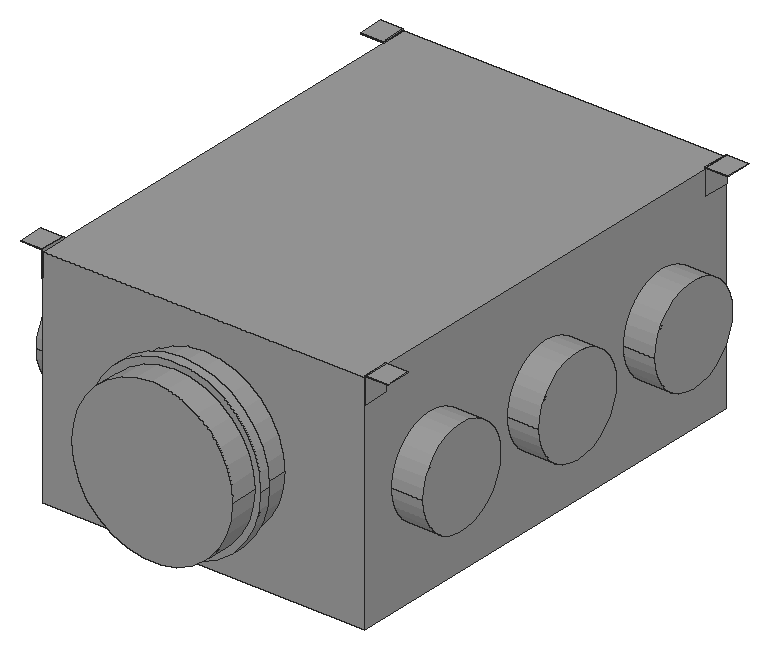
Revit family "SA_FASU(F6-150 250Φ)", category ダクト付属品, Revit 2022
Family settings
  丸型コネクタ寸法 = 直径を使用
  パーツ タイプ = ダンパー
  OmniClass 番号 = 23.75.00.00
  OmniClass タイトル = Climate Control (HVAC)
  作業面ベース = いいえ
  常に垂直 = はい
  ロード時にボイドで切り取り = いいえ
  共有 = いいえ
Parameters
  高さ = 350 mm
  風量 = 0.0 L/s
  符号 = "FASU"
  形式 = "F6-150 250φ"
  幅 [instance] = 500 mm
  奥行き = 700 mm
  大きさ = 250 mm
  呼称 = "FASUチャンバー"
  付属品_下端レベル [instance] = 0 mm
  マテリアル [instance] = 既定値
  ダクト_イン = 300 mm
  ダクト_アウト = 150 mm
  既定の高さ = 0 mm
Reference planes
  plane 1 "中心(正面/背面)": y = 0
  plane 2: z = 0
  plane 3 "中心(左/右)": x = 0
  plane 4: x = -250
  plane 5: x = 250
  plane 6: y = -700
  plane 7: z = 350
  plane 8: z = 175
  plane 9: z = 266.963
  plane 10: z = 86.159
  plane 11: x = -251
  plane 12: z = 313.122
  plane 13: z = 352.122
  plane 14: y = -350
Forms (mm)
  Extrusion 1, solid, material "既定値" <- "マテリアル"
    sketch origin (0, 0, 0) x (1, 0, 0) y (0, 1, 0)
      loop
        line (-250, 0) -> (-250, -700) -> (250, -700) -> (250, 0) -> (-250, 0)
    from 0 to 350
  Extrusion 2, solid, material "既定値" <- "マテリアル"
    sketch origin (0, -30, 0) x (1, 0, 0) y (0, 1, 0)
      loop
        line (-250, 30) -> (-251, 30) -> (-251, -10) -> (-250, -10) -> (-250, 30)
    from 313.122 to 350
  Extrusion 3, solid, material "既定値" <- "マテリアル"
    sketch origin (0, -30, 0) x (1, 0, 0) y (0, 1, 0)
      loop
        line (-285, 30) -> (-285, -10) -> (-251, -10) -> (-251, 30) -> (-285, 30)
    from 352.122 to 350
  Extrusion 4, solid, material "既定値" <- "マテリアル"
    sketch origin (0, -30, 0) x (-1, 0, 0) y (0, -1, 0)
      loop
        line (-250, -30) -> (-250, 10) -> (-251, 10) -> (-251, -30) -> (-250, -30)
    from 313.122 to 353.122
  Extrusion 5, solid, material "既定値" <- "マテリアル"
    sketch origin (0, -30, 0) x (-1, 0, 0) y (0, -1, 0)
      loop
        line (-285, -30) -> (-251, -30) -> (-251, 10) -> (-285, 10) -> (-285, -30)
    from 352.122 to 353.122
  Extrusion 6, solid, material "既定値" <- "マテリアル"
    sketch origin (0, -490, 0) x (1, 0, 0) y (0, 1, 0)
      loop
        line (-285, -170) -> (-285, -210) -> (-251, -210) -> (-251, -170) -> (-285, -170)
    from 352.122 to 353.122
  Extrusion 7, solid, material "既定値" <- "マテリアル"
    sketch origin (0, -490, 0) x (1, 0, 0) y (0, 1, 0)
      loop
        line (-250, -170) -> (-251, -170) -> (-251, -210) -> (-250, -210) -> (-250, -170)
    from 313.122 to 353.122
  Extrusion 8, solid, material "既定値" <- "マテリアル"
    sketch origin (0, -490, 0) x (-1, 0, 0) y (0, -1, 0)
      loop
        line (-285, 170) -> (-251, 170) -> (-251, 210) -> (-285, 210) -> (-285, 170)
    from 352.122 to 353.122
  Extrusion 9, solid, material "既定値" <- "マテリアル"
    sketch origin (0, -490, 0) x (-1, 0, 0) y (0, -1, 0)
      loop
        line (-250, 170) -> (-250, 210) -> (-251, 210) -> (-251, 170) -> (-250, 170)
    from 313.122 to 353.122
  Extrusion 10, solid, material "既定値" <- "マテリアル"
    sketch origin (550, -582.5, 0) x (0, -1, 0) y (0, 0, -1)
      loop
        circle (-232.5, -175) r 74.985
    from -300 to -250
  Extrusion 11, solid, material "既定値" <- "マテリアル"
    sketch origin (-550, -582.5, 0) x (0, -1, 0) y (0, 0, 1)
      loop
        circle (-232.5, 175) r 74.985
    from -300 to -250
  Extrusion 12, solid, material "既定値" <- "マテリアル"
    sketch origin (550, -357.5, 0) x (0, -1, 0) y (0, 0, -1)
      loop
        circle (-232.5, -175) r 74.985
    from -300 to -250
  Extrusion 13, solid, material "既定値" <- "マテリアル"
    sketch origin (-550, -357.5, 0) x (0, -1, 0) y (0, 0, 1)
      loop
        circle (-232.5, 175) r 74.985
    from -300 to -250
  Extrusion 14, solid, material "既定値" <- "マテリアル"
    sketch origin (550, -142.5, 0) x (0, 1, 0) y (0, 0, 1)
      loop
        circle (-432.5, 175) r 74.985
    from -300 to -250
  Extrusion 15, solid, material "既定値" <- "マテリアル"
    sketch origin (0, -142.5, 0) x (0, 1, 0) y (0, 0, 1)
      loop
        circle (-432.5, 175) r 74.985
    from -300 to -250
  Extrusion 16, solid, material "既定値" <- "マテリアル"
    sketch origin (0, -230, 0) x (1, 0, 0) y (0, 0, 1)
      loop
        circle (0, 175) r 125
    from 470 to 512.5
  Extrusion 17, solid, material "既定値" <- "マテリアル"
    sketch origin (0, -230, 0) x (1, 0, 0) y (0, 0, 1)
      loop
        circle (0, 175) r 135
    from 512.5 to 527.5
  Extrusion 18, solid, material "既定値" <- "マテリアル"
    sketch origin (0, -317.5, 0) x (1, 0, 0) y (0, 0, 1)
      loop
        circle (0, 175) r 125
    from 440 to 482.5
Lines and regions (mm)
  model lines
    curve 1: line (-250, -30, 0) -> (250, -30, 0)
    curve 2: line (-250, -670, 0) -> (250, -670, 0)
Text (mm)
  text "FASU(F6-150 250Φ)" at (3.713, -630.412, 0), in view "参照レベル"
Dimensions and locks
  equal spacing: plane 4, plane 3 "中心(左/右)", plane 5
  "幅": plane 4 to plane 5
  "奥行き": plane 6 to plane 1 "中心(正面/背面)"
  "高さ": plane 7 to level
  equal spacing: plane 7, plane 8, level
  equal spacing: plane 6, plane 14, plane 1 "中心(正面/背面)"
  aligned and locked: level to plane 2
  aligned and locked: Extrusion 1 sketch curve to plane 5
  aligned and locked: plane 7 to Extrusion 1
  aligned and locked: Extrusion 2 sketch curve to Extrusion 1
  aligned and locked: plane 7 to Extrusion 2
  aligned and locked: Extrusion 3 sketch curve to Extrusion 2
  aligned and locked: Extrusion 2 to Extrusion 3 sketch curve
  aligned and locked: plane 7 to Extrusion 3
  aligned and locked: Extrusion 3 to plane 13
  aligned and locked: Extrusion 4 to Extrusion 5 sketch curve
  aligned and locked: Extrusion 5 sketch curve to Extrusion 4
  aligned and locked: Extrusion 1 to Extrusion 8
  aligned and locked: Extrusion 6 to Extrusion 1
  aligned and locked: Extrusion 7 to Extrusion 1
  aligned and locked: Extrusion 1 to Extrusion 9
  aligned and locked: Extrusion 9 to Extrusion 8
  aligned and locked: Extrusion 7 to Extrusion 6
  aligned and locked: plane 4 to Extrusion 7
  aligned and locked: Extrusion 9 to plane 5
  aligned and locked: plane 4 to curve 1
  aligned and locked: plane 5 to curve 1
  aligned and locked: plane 5 to curve 2
  aligned and locked: Extrusion 1 to Extrusion 3
  aligned and locked: Extrusion 5 to Extrusion 1
  aligned and locked: Extrusion 4 to plane 5
  aligned and locked: Extrusion 1 to plane 6
  aligned and locked: Extrusion 1 to plane 1 "中心(正面/背面)"
  aligned and locked: Extrusion 12 to plane 5
  aligned and locked: plane 4 to Extrusion 13
  aligned and locked: Extrusion 14 to plane 5
  aligned and locked: plane 4 to Extrusion 15
  aligned and locked: Extrusion 17 to Extrusion 18
  aligned and locked: Extrusion 17 to Extrusion 16
Automatic sketch dimensions
  Extrusion 10 sketch curve to plane 8 = 0 mm
  Extrusion 10 sketch curve to plane 14 = 0 mm
  Extrusion 11 sketch curve to plane 8 = 0 mm
  Extrusion 11 sketch curve to plane 14 = 0 mm
  curve 2 to plane 4 = 0 mm
  plane 6 to curve 2 = 30 mm
  plane 1 "中心(正面/背面)" to curve 1 = 30 mm
  Extrusion 1 sketch curve to plane 4 = 0 mm
  Extrusion 1 sketch curve to plane 6 = 0 mm
  plane 1 "中心(正面/背面)" to Extrusion 1 sketch curve = 0 mm
  plane 1 "中心(正面/背面)" to Extrusion 2 sketch curve = 0 mm
  Extrusion 2 sketch curve to plane 11 = 0 mm
  Extrusion 2 sketch curve to Extrusion 2 sketch curve = 40 mm
  plane 1 "中心(正面/背面)" to Extrusion 3 sketch curve = 0 mm
  Extrusion 3 sketch curve to Extrusion 3 sketch curve = 34 mm
  plane 1 "中心(正面/背面)" to Extrusion 4 sketch curve = 0 mm
  Extrusion 4 sketch curve to plane 5 = 0 mm
  Extrusion 4 sketch curve to Extrusion 4 sketch curve = 1 mm
  Extrusion 4 sketch curve to Extrusion 4 sketch curve = 40 mm
  plane 1 "中心(正面/背面)" to Extrusion 5 sketch curve = 0 mm
  Extrusion 5 sketch curve to Extrusion 5 sketch curve = 34 mm
  Extrusion 6 sketch curve to plane 6 = 0 mm
  Extrusion 6 sketch curve to plane 11 = 0 mm
  Extrusion 6 sketch curve to plane 11 = 34 mm
  plane 6 to Extrusion 6 sketch curve = 40 mm
  Extrusion 7 sketch curve to plane 11 = 0 mm
  Extrusion 7 sketch curve to plane 4 = 0 mm
  Extrusion 7 sketch curve to plane 6 = 0 mm
  plane 6 to Extrusion 7 sketch curve = 40 mm
  Extrusion 8 sketch curve to plane 6 = 0 mm
  Extrusion 8 sketch curve to plane 5 = 35 mm
  Extrusion 8 sketch curve to plane 5 = 1 mm
  Extrusion 8 sketch curve to Extrusion 8 sketch curve = 40 mm
  Extrusion 9 sketch curve to plane 6 = 0 mm
  Extrusion 9 sketch curve to plane 5 = 0 mm
  Extrusion 9 sketch curve to Extrusion 9 sketch curve = 1 mm
  Extrusion 9 sketch curve to Extrusion 9 sketch curve = 40 mm
  Extrusion 12 sketch curve to plane 8 = 0 mm
  plane 1 "中心(正面/背面)" to Extrusion 12 sketch curve = 125 mm
  Extrusion 13 sketch curve to plane 8 = 0 mm
  plane 1 "中心(正面/背面)" to Extrusion 13 sketch curve = 125 mm
  Extrusion 14 sketch curve to plane 8 = 0 mm
  plane 6 to Extrusion 14 sketch curve = 125 mm
  Extrusion 15 sketch curve to plane 8 = 0 mm
  plane 6 to Extrusion 15 sketch curve = 125 mm
  Extrusion 16 sketch curve to plane 8 = 0 mm
  Extrusion 17 sketch curve to plane 8 = 0 mm
  Extrusion 18 sketch curve to plane 8 = 0 mm
  plane 11 to Extrusion 16 sketch curve = 251 mm
  plane 11 to Extrusion 17 sketch curve = 251 mm
  plane 11 to Extrusion 18 sketch curve = 251 mm
  radius of Extrusion 10 sketch curve = 74.985 mm
  radius of Extrusion 11 sketch curve = 74.985 mm
  radius of Extrusion 12 sketch curve = 74.985 mm
  radius of Extrusion 13 sketch curve = 74.985 mm
  radius of Extrusion 14 sketch curve = 74.985 mm
  radius of Extrusion 15 sketch curve = 74.985 mm
  radius of Extrusion 16 sketch curve = 125 mm
  radius of Extrusion 17 sketch curve = 135 mm
  radius of Extrusion 18 sketch curve = 125 mm
Connectors
  hvac at (-300, -575, 175), driven by "ダクト_アウト"
    settings: on Extrusion 15, index 1, duct flow 0.0 L/s, flow factor 0, pres drop 0.0 Pa, loss coef 0, conn angle 0.00°, conn width 304.8 mm, conn height 304.8 mm, conn diameter 150 mm, duct sys type 29, conn prof type 0, flow config 0, flow direction 2, loss method 0, conn ref index -1, conn util no, is conn primary yes, conn desc ""
  hvac at (-300, -350, 175), driven by "ダクト_アウト"
    settings: on Extrusion 11, index 2, duct flow 0.0 L/s, flow factor 0, pres drop 0.0 Pa, loss coef 0, conn angle 0.00°, conn width 304.8 mm, conn height 304.8 mm, conn diameter 150 mm, duct sys type 29, conn prof type 0, flow config 0, flow direction 2, loss method 0, conn ref index -1, conn util no, is conn primary no, conn desc ""
  hvac at (-300, -125, 175), driven by "ダクト_アウト"
    settings: on Extrusion 13, index 3, duct flow 0.0 L/s, flow factor 0, pres drop 0.0 Pa, loss coef 0, conn angle 0.00°, conn width 304.8 mm, conn height 304.8 mm, conn diameter 150 mm, duct sys type 29, conn prof type 0, flow config 0, flow direction 2, loss method 0, conn ref index -1, conn util no, is conn primary no, conn desc ""
  hvac at (300, -575, 175), driven by "ダクト_アウト"
    settings: on Extrusion 14, index 4, duct flow 0.0 L/s, flow factor 0, pres drop 0.0 Pa, loss coef 0, conn angle 0.00°, conn width 304.8 mm, conn height 304.8 mm, conn diameter 150 mm, duct sys type 29, conn prof type 0, flow config 0, flow direction 2, loss method 0, conn ref index -1, conn util no, is conn primary no, conn desc ""
  hvac at (300, -350, 175), driven by "ダクト_アウト"
    settings: on Extrusion 10, index 5, duct flow 0.0 L/s, flow factor 0, pres drop 0.0 Pa, loss coef 0, conn angle 0.00°, conn width 304.8 mm, conn height 304.8 mm, conn diameter 150 mm, duct sys type 29, conn prof type 0, flow config 0, flow direction 2, loss method 0, conn ref index -1, conn util no, is conn primary no, conn desc ""
  hvac at (300, -125, 175), driven by "ダクト_アウト"
    settings: on Extrusion 12, index 6, duct flow 0.0 L/s, flow factor 0, pres drop 0.0 Pa, loss coef 0, conn angle 0.00°, conn width 304.8 mm, conn height 304.8 mm, conn diameter 150 mm, duct sys type 29, conn prof type 0, flow config 0, flow direction 2, loss method 0, conn ref index -1, conn util no, is conn primary no, conn desc ""
  hvac at (0, -800, 175)
    settings: on Extrusion 18, index 7, duct flow 0.0 L/s, flow factor 0, pres drop 0.0 Pa, loss coef 0, conn angle 0.00°, conn width 304.8 mm, conn height 304.8 mm, conn diameter 250 mm, duct sys type 29, conn prof type 0, flow config 0, flow direction 1, loss method 0, conn ref index -1, conn util no, is conn primary no, conn desc ""
